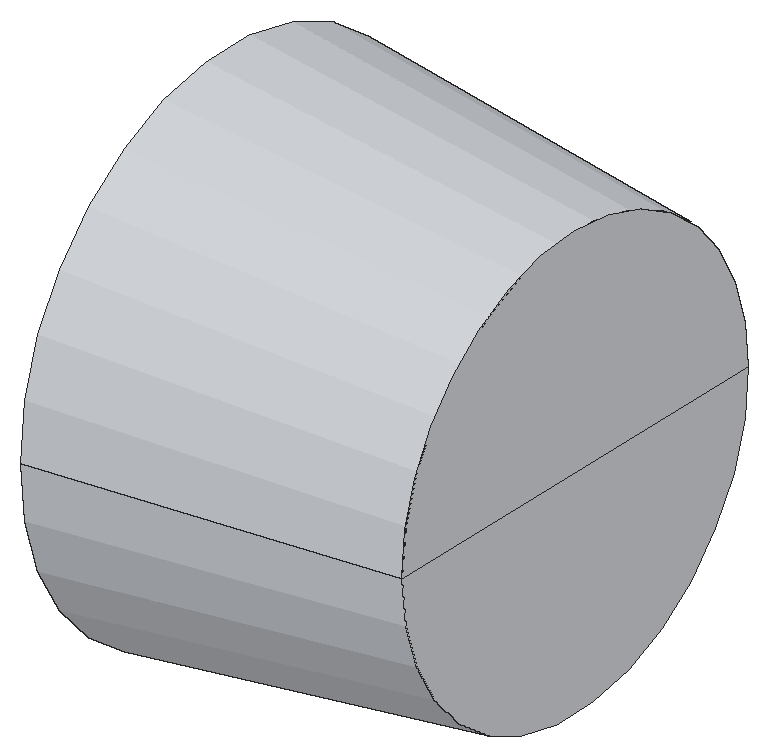
Revit family "319e0dafbc7b4467bf6218089bf9f4f5", category Pipe Fittings, Revit 2021
Family settings
  Round Connector Dimension = Use Radius
  Part Type = Transition
  OmniClass Number = 23.60.30.11.14
  OmniClass Title = Pipework Fittings
  Work Plane-Based = No
  Always vertical = Yes
  Cut with Voids When Loaded = No
  Shared = No
Parameters (values of type "Standard")
  Visibility 2 [instance] = Nominal Diameter 2 > Nominal Diameter 1  # no
  Visibility 1 [instance] = Nominal Diameter 1 > Nominal Diameter 2  # yes
  URL = ""
  Type Comments = ""
  Tick Size 2 [instance] = if(Nominal Diameter 1 > Nominal Diameter 2, Min Tick Size 12, Max Tick Size 12)  # 12.0000"
  Tick Size 1 [instance] = if(Nominal Diameter 1 > Nominal Diameter 2, Max Tick Size 12, Min Tick Size 12)  # 14.4000"
  Min Tick Size 12 [instance] = Min Nominal Diameter 12 * 0.4  # 12.0000"
  Max Tick Size 12 [instance] = Max Nominal Diameter 12 * 0.4  # 14.4000"
  Nominal Radius 2 [instance] = 15.0000"
  Nominal Radius 1 [instance] = 18.0000"
  Nominal Diameter 2 [instance] = Nominal Radius 2 * 2  # 30.0000"
  Nominal Diameter 1 [instance] = Nominal Radius 1 * 2  # 36.0000"
  Min Nominal Diameter 12 [instance] = if(Nominal Diameter 1 > Nominal Diameter 2, Nominal Diameter 2, Nominal Diameter 1)  # 30.0000"
  Max Nominal Diameter 12 [instance] = if(Nominal Diameter 1 > Nominal Diameter 2, Nominal Diameter 1, Nominal Diameter 2)  # 36.0000"
  Manufacturer = ""
  Loss Method = K Coefficient from Table
  Length [instance] = if(Nominal Diameter 1 = Nominal Diameter 2, Min Nominal Diameter 12 / 2, 4 * (Max Nominal Diameter 12 - Min Nominal Diameter 12))  # 24.0000"
  K Coefficient Table = "Reducer/Coupling/Union/Increaser"
  built-in parameter 1114238 [instance] = (empty or 0)
  Description = ""
  Default Elevation = 0.0000"
  Assembly Code = ""
Reference planes (in)
  plane 1 "Center (Front/Back)": y = 0
  plane 2: z = 0
  plane 3 "Center (Left/Right)": x = 0
  plane 4 "Right": x = 24
  plane 5 "TK1 Top": y = 14.4
  plane 6 "TK1 Bottom": y = -14.4
  plane 7 "TK2 Top": y = 12
  plane 8 "TK2 Bottom": y = -12
  plane 9: y = 18
  plane 10: y = 15
Forms (in)
  Extrusion 1, solid, not visible
    sketch origin (0, 0, 0) x (0, 1, 0) y (0, 0, 1)
      loop
        circle (0, 0) r 1
    from 0 to 24
  Revolve 2, solid, detail levels fine
    sketch origin (0, 0, 0) x (1, 0, 0) y (0, 1, 0)
      loop
        line (0, 0) -> (24, 0) -> (24, 15) -> (0, 18) -> (0, 0)
      axis (0, 0) -> (24, 0)
    angle from 0 to 360
Lines and regions (in)
  model lines, detail levels coarse+medium
    curve 1: line (0, 0, 0) -> (0, 14.4, 0)
    curve 2: line (0, -14.4, 0) -> (0, 0, 0)
    curve 3: line (24, 0, 0) -> (24, 12, 0)
    curve 4: line (24, 0, 0) -> (24, -12, 0)
  model lines, style "PipeFitting", visible <- "Visibility 1", detail levels coarse+medium
    curve 5: line (0, 14.4, 0) -> (24, 0, 0)
    curve 6: line (0, -14.4, 0) -> (24, 0, 0)
  model lines, style "PipeFitting", visible <- "Visibility 2", detail levels coarse+medium
    curve 7: line (24, 12, 0) -> (0, 0, 0)
    curve 8: line (0, 0, 0) -> (24, -12, 0)
Dimensions and locks (in)
  "Tick Size 1": plane 5 "TK1 Top" to plane 1 "Center (Front/Back)"
  "Tick Size 1": plane 6 "TK1 Bottom" to plane 1 "Center (Front/Back)"
  "Tick Size 2": plane 7 "TK2 Top" to plane 1 "Center (Front/Back)"
  "Tick Size 2": plane 8 "TK2 Bottom" to plane 1 "Center (Front/Back)"
  "Nominal Radius 1": plane 9 to plane 1 "Center (Front/Back)"
  "Length": plane 3 "Center (Left/Right)" to plane 4 "Right"
  "Nominal Radius 2": plane 10 to plane 1 "Center (Front/Back)"
  radius of Extrusion 1 sketch curve = 1.0000"
  aligned and locked: plane 2 to level
  aligned and locked: plane 2 to Extrusion 1 sketch curve
  aligned and locked: plane 1 "Center (Front/Back)" to Extrusion 1 sketch curve
  aligned and locked: Extrusion 1 to plane 3 "Center (Left/Right)"
  aligned and locked: plane 4 "Right" to Extrusion 1
  aligned and locked: plane 1 "Center (Front/Back)" to curve 2
  aligned and locked: plane 3 "Center (Left/Right)" to curve 1
  aligned and locked: plane 3 "Center (Left/Right)" to curve 2
  aligned and locked: plane 5 "TK1 Top" to curve 1
  aligned and locked: plane 6 "TK1 Bottom" to curve 2
  aligned and locked: curve 3 to plane 7 "TK2 Top"
  aligned and locked: curve 4 to plane 4 "Right"
  aligned and locked: plane 1 "Center (Front/Back)" to Revolve 2 sketch curve
  aligned and locked: plane 3 "Center (Left/Right)" to Revolve 2 sketch curve
  aligned and locked: plane 4 "Right" to Revolve 2 sketch curve
  aligned and locked: Revolve 2 sketch curve to Revolve 2 sketch curve
Automatic sketch dimensions
  plane 8 "TK2 Bottom" to curve 8 = 0.0000"
  plane 1 "Center (Front/Back)" to curve 4 = 0.0000"
  Revolve 2 sketch curve to plane 10 = 0.0000"
  Revolve 2 sketch curve to plane 9 = 0.0000"
  Revolve 2 sketch curve to plane 3 "Center (Left/Right)" = 9.7500"
  Revolve 2 sketch curve to Revolve 2 sketch curve = 7.2500"
Connectors (in)
  piping at (0, 0, 0), diameter 36, driven by "Nominal Radius 1"
    settings: on Extrusion 1, index 1, connector inside diameter 36.0000", connector length 0.0000", flow factor 0, pipe flow 0 GPM, pressure drop 0.00 psi, fitting loss kfactor 0, connector angle 0.00°, fixture units 0, engagement length 0.0000", angle of deflection 0.00°, flow configuration 0, flow direction 0, fitting loss method 0, system type 28, joint type 0, gender type 0, connector reference index 2, connector utility 0, adjustable connector no, is connector primary yes, connector description ""
  piping at (24, 0, 0), diameter 30, driven by "Nominal Radius 2"
    settings: on Extrusion 1, index 2, connector inside diameter 30.0000", connector length 0.0000", flow factor 0, pipe flow 0 GPM, pressure drop 0.00 psi, fitting loss kfactor 0, connector angle 0.00°, fixture units 0, engagement length 0.0000", angle of deflection 0.00°, flow configuration 0, flow direction 0, fitting loss method 0, system type 28, joint type 0, gender type 0, connector reference index 1, connector utility 0, adjustable connector no, is connector primary no, connector description ""
